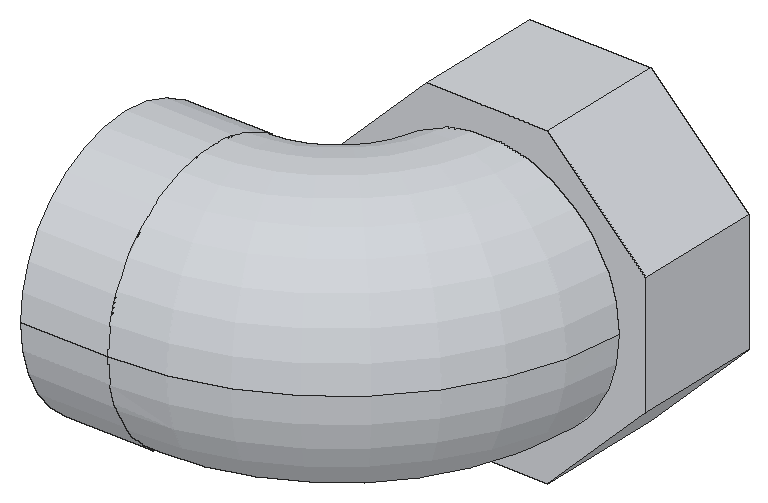
Revit family "Cotovelo - Junta x Rosqueada F - PPR", category Conexões de tubo, Revit 2019
Family settings
  Cota do conector redondo = Usar raio
  Tipo de parte = Cotovelo
  Com base no plano de trabalho = Não
  Sempre na vertical = Sim
  Corte com vazios quando carregada = Não
  Compartilhado = Não
Parameters (values of type "Padrão")
  Tamanho da marca de revisão [instance] = 0.4 * Diâmetro externo do soquete 1  # 17.2 mm
  Raio externo do soquete 1 [instance] = Diâmetro externo do soquete 1 / 2  # 21.5 mm
  Diâmetro externo do soquete 2 [instance] = Diâmetro externo do soquete 1 * 1.2  # 51.6 mm
  Diâmetro externo do soquete 1 [instance] = size_lookup(Nome da tabela de pesquisa, "SOD1", 1.08 * Diâmetro nominal 1 + 8.8 mm, Diâmetro nominal 1)  # 43 mm
  Raio nominal 2 [instance] = 7.5 mm
  Raio nominal 1 [instance] = 16 mm
  Diâmetro nominal 2 [instance] = Raio nominal 2 * 2  # 15 mm
  Diâmetro nominal 1 [instance] = Raio nominal 1 * 2  # 32 mm
  Método de perda = Coeficiente K da tabela
  Nome da tabela de pesquisa = "BR_Elbow - Slip x Threaded F - PPR"
  Comprimento 3 [instance] = Centro ao final - (Raio externo do soquete 1 * 1.1)  # 20.95 mm
  Comprimento 2 [instance] = Raio externo do soquete 1 * 1.2  # 25.8 mm
  Comprimento 1 [instance] = sin(22.50°) * (Diâmetro externo do soquete 2 / 2)  # 9.873 mm
  Comprimento [instance] = size_lookup(Nome da tabela de pesquisa, "Lgt", 1.74 * Diâmetro nominal 1 + 9.8 mm, Diâmetro nominal 1, Diâmetro nominal 2)  # 65.8 mm
  Tabela de coeficiente K = "Cotovelo regular 45, 90 e 180"
  Centro ao final [instance] = size_lookup(Nome da tabela de pesquisa, "CtE", 0.77 * Diâmetro nominal 1 + 20.7 mm, Diâmetro nominal 1, Diâmetro nominal 2)  # 44.6 mm
  Raio do centro [instance] = Comprimento 2 / tan(Ângulo / 2)  # 25.8 mm
  Assembly Code = ""
  Ângulo [instance] = 90.00°
Reference planes
  plane 1 "Centro (Frente/Trás)": y = 0
  plane 2: z = 0
  plane 3 "Centro (Esquerda/Direita)": x = 0
  plane 4: x = -40
  plane 5: x = -25.8
  plane 6: y = 17.2
  plane 7: y = -17.2
  plane 8: x = 25.8
  plane 9: z = 25.8
  plane 10: z = -25.8
  plane 11: y = 25.8
Forms (mm)
  Extrusion 1, solid, detail levels fine
    sketch origin (0, 0, 0) x (0, 1, 0) y (0, 0, 1)
      loop
        circle (0, 0) r 21.5
    from -40 to -25.8
  Sweep 2, solid, detail levels fine
    path origin (0, 0, 0) x (0, 1, 0) y (-1, 0, 0)
      loop
        arc (0, 25.8) -> (7.557, 7.557) -> (25.8, 0) r 25.8
    profile origin (-7.557, 7.557, 0) x (-0.707107, 0.707107, 0) y (0, 0, 1)
      loop
        circle (0, 0) r 21.5
  Sweep 3, solid, detail levels fine
    path origin (0, 0, 0) x (0, 1, 0) y (-1, 0, 0)
      loop
        line (44.6, 0) -> (23.65, 0)
    profile origin (0, 34.125, 0) x (1, 0, 0) y (0, 0, 1)
      loop
        line (-25.8, 9.873) -> (-25.8, -9.873) -> (-9.873, -25.8) -> (9.873, -25.8) -> (25.8, -9.873) -> (25.8, 9.873) -> (9.873, 25.8) -> (-9.873, 25.8) -> (-25.8, 9.873)
Cuts and joins
  joined: Extrusion 1, Sweep 2, Sweep 3
Lines and regions (mm)
  model lines, detail levels coarse+medium
    curve 1: line (-40, 0, 0) -> (-25.8, 0, 0)
    curve 2: line (-40, 17.2, 0) -> (-40, -17.2, 0)
    curve 4: arc (-25.8, 0, 0) -> (-7.557, 7.557, 0) -> (0, 25.8, 0) r 25.8
    curve 5: line (0, 44.6, 0) -> (0, 25.8, 0)
    curve 6: line (-17.2, 44.6, 0) -> (17.2, 44.6, 0)
  reference lines
    curve 3: line (0, 0, 0) -> (0, 44.6, 0)
Dimensions and locks
  "Tamanho da marca de revisão": plane 6 to plane 1 "Centro (Frente/Trás)"
  "Tamanho da marca de revisão": plane 7 to plane 1 "Centro (Frente/Trás)"
  plane 3 "Centro (Esquerda/Direita)" to plane 8 = 25.8 mm
  equal spacing: plane 10, plane 2, plane 9
  "Diâmetro externo do soquete 2": plane 10 to plane 9
  "Comprimento 2": plane 5 to plane 3 "Centro (Esquerda/Direita)"
  "Comprimento": plane 4 to plane 8
  "Centro ao final": curve 3 to curve 3
  "Raio do centro": plane 11 to plane 1 "Centro (Frente/Trás)"
  "Centro ao final": Sweep 3 sketch curve to curve 3
  "Comprimento 3": Sweep 3 sketch curve to Sweep 3 sketch curve
  "Comprimento 1": Sweep 3 sketch curve to profile plane  (x4)
  "Comprimento 1": profile plane to Sweep 3 sketch curve  (x4)
  "Comprimento 2": Sweep 3 sketch curve to profile plane  (x2)
  "Comprimento 2": profile plane to Sweep 3 sketch curve  (x2)
  "Comprimento 2": plane 3 "Centro (Esquerda/Direita)" to plane 8
  "Tamanho da marca de revisão": curve 5 to curve 6
  "Tamanho da marca de revisão": curve 6 to curve 5
  "Raio externo do soquete 1": radius of Extrusion 1 sketch curve
  "Raio do centro": radius of Sweep 2 sketch curve
  "Raio externo do soquete 1": radius of Sweep 2 sketch curve
  "Raio do centro": radius of curve 4
  "Ângulo": angle plane 1 "Centro (Frente/Trás)" to curve 3
  "Ângulo": angle Sweep 2 sketch curve to Sweep 2 sketch curve
  "Ângulo": angle curve 4 to curve 4
  locked: curve 5 to curve 6 (angle 90.00°)
  aligned and locked: plane 5 to curve 1
  aligned and locked: plane 6 to curve 2
  aligned and locked: plane 7 to curve 2
  aligned and locked: curve 2 to plane 4
  aligned and locked: plane 3 "Centro (Esquerda/Direita)" to curve 3
  aligned and locked: plane 1 "Centro (Frente/Trás)" to curve 3
  aligned and locked: plane 2 to Extrusion 1 sketch curve
  aligned and locked: plane 1 "Centro (Frente/Trás)" to Extrusion 1 sketch curve
  aligned and locked: Extrusion 1 to plane 4
  aligned and locked: plane 5 to Extrusion 1
  aligned and locked: plane 11 to Sweep 2 sketch curve
  aligned and locked: plane 5 to Sweep 2 sketch curve  (x2)
  aligned and locked: Sweep 3 sketch curve to curve 3
  aligned and locked: plane 11 to curve 4
  aligned and locked: plane 5 to curve 4  (x2)
  aligned and locked: curve 5 to curve 3
  aligned and locked: curve 6 to curve 3
Automatic sketch dimensions
  plane 1 "Centro (Frente/Trás)" to curve 1 = 0.0 mm
  Sweep 2 sketch curve to profile plane = 0.0 mm
  profile plane to Sweep 2 sketch curve = 0.0 mm
Connectors
  piping at (-40, 0, 0), diameter 32, driven by "Ângulo", driven by "Raio nominal 1"
    settings: on Extrusion 1, index 1, connector inside diameter 32 mm, connector length 0.0 mm, flow factor 0, pipe flow 0.0 L/s, pressure drop 0.0 Pa, fitting loss kfactor 0, connector angle 90.00°, fixture units 0, engagement length 0.0 mm, angle of deflection 0.00°, flow configuration 0, flow direction 0, fitting loss method 0, system type 28, joint type 0, gender type 0, connector reference index 2, connector utility 0, adjustable connector no, is connector primary yes, connector description ""
  piping at (0, 44.6, 0), diameter 15, driven by "Ângulo", driven by "Raio nominal 2"
    settings: on Sweep 3, index 2, connector inside diameter 15 mm, connector length 0.0 mm, flow factor 0, pipe flow 0.0 L/s, pressure drop 0.0 Pa, fitting loss kfactor 0, connector angle 90.00°, fixture units 0, engagement length 0.0 mm, angle of deflection 0.00°, flow configuration 0, flow direction 0, fitting loss method 0, system type 28, joint type 0, gender type 0, connector reference index 1, connector utility 0, adjustable connector no, is connector primary no, connector description ""
